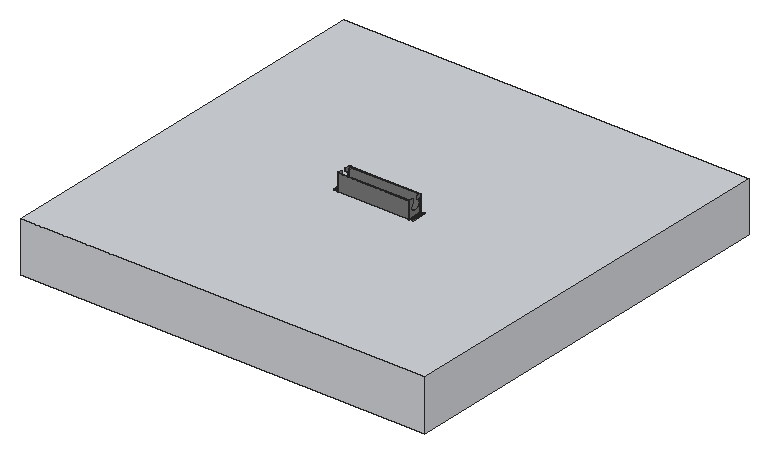
Revit family
Parameters (values of type "RIC3-24-01")
  Weight = 8.5 lbf
  U/M = "EA"
  U Space = "2"
  System = "MM & SM Fiber"
  Serial Number = "RIC3-24-01"
  Segment = "FIBER"
  Ports = "4"
  Model = "RIC"
  Metal = none
  Manufacturer = "SIEMON"
  Loaded/Empty = "Empty"
  Item Group = "FIBER MGMT"
  Item Class = "V1"
  Description = "ENCLOSURE,RIC3-24-01,BLACK"
  Default Elevation = 4' - 0"
  Color = "Black"
Reference planes (in)
  plane 1 "Center (Front/Back)": y = 0
  plane 2: z = 0
  plane 3 "Center (Left/Right)": x = 0
Forms (in)
  Extrusion 1, solid
    sketch origin (0, 0, 0) x (1, 0, 0) y (0, 1, 0)
      loop
        line (-48, 48) -> (-48, -48) -> (48, -48) -> (48, 48) -> (-48, 48)
    from 0 to -12
Dimensions and locks (in)
  aligned and locked: plane 2 to Extrusion 1
  aligned and locked: level to Extrusion 1
Nested families (in)
  nested 1: "RIC3-24-01[1]" at (0, -0.72597, -5.45966), type "RIC3-24-01[1]"
Definition of nested family "RIC3-24-01[1]"
  Parameters (values of type "RIC3-24-01[1]")
    White Paper = White Paper
    Weight = "3.85 kgs (8.5 lbs)"
    UL Rating = "UL 1863"
    U Space / Capacity = "2U / 4 Adapter Plates"
    Text1 = Symbol
    Text = Text
    SilverAlluminium = Silver Alluminium
    Rubber = Rubber
    Part Number = "RIC3-24-01"
    Material = Aluminum w/cold rolled steel (CRS) cover and plastic accessories
    Manufacturer Contact Info / Website = "www.siemon.com"
    Manufacturer = "Siemon"
    Dimensions (H x W x D) = "90mm x 432mm x 380mm\r\n(3.5 in. x 17.0 in. x 14.95 in.)"
    Description = "24-96 port Fiber Enclosure"
    Clearance = "127mm (5.0 in.) Front\r\n254 (10.0 in.) Rear"
    Black Plastic = Black Plastic
    Assembly Code = ""
  Reference planes (in)
    plane 1 "Center (Front/Back)": y = 0.72597
    plane 2: z = 5.45966
    plane 3 "Center (Left/Right)": x = 0
    plane 4: x = 6.25038
    plane 5: z = -5.66025
    plane 6: z = 10.79074
  Forms (in)
    Extrusion 1, solid, material "Aluminum w/cold rolled steel (CRS) cover and plastic accessories" <- "Material"
      sketch origin (-8.50051, -2.56525, 2.56525) x (0, 0, -1) y (0, -1, 0)
        loop
          arc (-0.062, -3.49271) -> (0.02639, -3.4561) -> (0.063, -3.3677) r 0.12501
          line (0.063, -3.3677) -> (0.063, -0.21751)
          arc (0.063, -0.21751) -> (0.02639, -0.12912) -> (-0.062, -0.09251) r 0.12501
          line (-0.062, -0.09251) -> (-2.81817, -0.09251) -> (-2.81817, -3.49271) -> (-0.062, -3.49271)
      from 0 to 0.08
    Extrusion 2, solid, material "Aluminum w/cold rolled steel (CRS) cover and plastic accessories" <- "Material"
      sketch origin (0, -2.56525, 5.50234) x (0, -1, 0) y (1, 0, 0)
        loop
          line (-3.3677, -9.50057) -> (-0.21751, -9.50057)
          arc (-0.21751, -9.50057) -> (-0.12912, -9.46396) -> (-0.09251, -9.37556) r 0.12501
          line (-0.09251, -9.37556) -> (-0.09251, -8.61952) -> (-3.49271, -8.61952) -> (-3.49271, -9.37556)
          arc (-3.49271, -9.37556) -> (-3.4561, -9.46396) -> (-3.3677, -9.50057) r 0.12501
        loop
          arc (-3.43321, -9.22106) -> (-3.2927, -9.36156) -> (-3.15219, -9.22106) r 0.14051
          line (-3.15219, -9.22106) -> (-3.15219, -9.09605)
          arc (-3.15219, -9.09605) -> (-3.2927, -8.95554) -> (-3.43321, -9.09605) r 0.14051
          line (-3.43321, -9.09605) -> (-3.43321, -9.22106)
        loop
          arc (-2.72016, -9.01804) -> (-2.86067, -9.15855) -> (-2.72016, -9.29906) r 0.14051
          line (-2.72016, -9.29906) -> (-2.59516, -9.29906)
          arc (-2.59516, -9.29906) -> (-2.45465, -9.15855) -> (-2.59516, -9.01804) r 0.14051
          line (-2.59516, -9.01804) -> (-2.72016, -9.01804)
        loop
          arc (-2.02712, -9.01804) -> (-2.16763, -9.15855) -> (-2.02712, -9.29906) r 0.14051
          line (-2.02712, -9.29906) -> (-1.55809, -9.29906)
          arc (-1.55809, -9.29906) -> (-1.41759, -9.15855) -> (-1.55809, -9.01804) r 0.14051
          line (-1.55809, -9.01804) -> (-2.02712, -9.01804)
        loop
          arc (-0.99006, -9.01804) -> (-1.13057, -9.15855) -> (-0.99006, -9.29906) r 0.14051
          line (-0.99006, -9.29906) -> (-0.86505, -9.29906)
          arc (-0.86505, -9.29906) -> (-0.72454, -9.15855) -> (-0.86505, -9.01804) r 0.14051
          line (-0.86505, -9.01804) -> (-0.99006, -9.01804)
        loop
          arc (-0.43303, -9.22106) -> (-0.29252, -9.36156) -> (-0.15201, -9.22106) r 0.14051
          line (-0.15201, -9.22106) -> (-0.15201, -9.09605)
          arc (-0.15201, -9.09605) -> (-0.29252, -8.95554) -> (-0.43303, -9.09605) r 0.14051
          line (-0.43303, -9.09605) -> (-0.43303, -9.22106)
      from -0.00008 to 0.07992
    Extrusion 3, solid, material "Aluminum w/cold rolled steel (CRS) cover and plastic accessories" <- "Material"
      sketch origin (0, -2.47274, 2.56525) x (0, 0, -1) y (-1, 0, 0)
        loop
          line (-2.81817, 8.50051) -> (-2.81817, 8.58052)
          arc (-2.81817, 8.58052) -> (-2.84575, 8.59194) -> (-2.85717, 8.61952) r 0.039
          line (-2.85717, 8.61952) -> (-2.93718, 8.61952)
          arc (-2.93718, 8.61952) -> (-2.90232, 8.53537) -> (-2.81817, 8.50051) r 0.11901
      from 0 to 3.4002
    Extrusion 4, solid, material "Aluminum w/cold rolled steel (CRS) cover and plastic accessories" <- "Material"
      sketch origin (-8.42059, -2.56525, 2.56525) x (0, 0, -1) y (0, -1, 0)
        loop
          line (-6.87541, -2.51015) -> (-6.87541, -3.2902) -> (6.87541, -3.2902) -> (6.87541, -2.51015)
          arc (6.87541, -2.51015) -> (6.80219, -2.33336) -> (6.6254, -2.26014) r 0.25002
          line (6.6254, -2.26014) -> (6.41757, -2.26014)
          arc (6.41757, -2.26014) -> (6.27414, -2.30537) -> (6.18261, -2.42469) r 0.25002
          arc (6.18261, -2.42469) -> (4.59069, -3.03005) -> (4.22391, -1.36688) r 1.12507
          arc (4.22391, -1.36688) -> (4.23566, -1.25505) -> (4.14297, -1.19138) r 0.10994
          arc (4.14297, -1.19138) -> (4.07927, -1.12833) -> (4.10161, -1.04153) r 0.09001
          arc (4.10161, -1.04153) -> (4.56007, -0.72648) -> (5.10407, -0.61019) r 1.43009
          arc (5.10407, -0.61019) -> (5.18245, -0.65366) -> (5.18443, -0.74326) r 0.09001
          arc (5.18443, -0.74326) -> (5.16693, -0.85434) -> (5.25621, -0.9227) r 0.10994
          arc (5.25621, -0.9227) -> (5.58444, -1.013) -> (5.87063, -1.19734) r 1.12507
          arc (5.87063, -1.19734) -> (5.9477, -1.24387) -> (6.03626, -1.26008) r 0.25002
          line (6.03626, -1.26008) -> (6.6254, -1.26008)
          arc (6.6254, -1.26008) -> (6.80219, -1.18685) -> (6.87541, -1.01006) r 0.25002
          line (6.87541, -1.01006) -> (6.87541, -0.20901) -> (-6.87541, -0.20901) -> (-6.87541, -1.01006)
          arc (-6.87541, -1.01006) -> (-6.80219, -1.18685) -> (-6.6254, -1.26008) r 0.25002
          line (-6.6254, -1.26008) -> (-6.03626, -1.26008)
          arc (-6.03626, -1.26008) -> (-5.9477, -1.24387) -> (-5.87063, -1.19734) r 0.25002
          arc (-5.87063, -1.19734) -> (-5.58444, -1.013) -> (-5.25621, -0.9227) r 1.12507
          arc (-5.25621, -0.9227) -> (-5.16693, -0.85434) -> (-5.18443, -0.74326) r 0.10994
          arc (-5.18443, -0.74326) -> (-5.18245, -0.65366) -> (-5.10407, -0.61019) r 0.09001
          arc (-5.10407, -0.61019) -> (-4.56007, -0.72648) -> (-4.10161, -1.04153) r 1.43009
          arc (-4.10161, -1.04153) -> (-4.07927, -1.12833) -> (-4.14297, -1.19138) r 0.09001
          arc (-4.14297, -1.19138) -> (-4.23566, -1.25505) -> (-4.22391, -1.36688) r 0.10994
          arc (-4.22391, -1.36688) -> (-4.59069, -3.03005) -> (-6.18261, -2.42469) r 1.12507
          arc (-6.18261, -2.42469) -> (-6.27414, -2.30537) -> (-6.41757, -2.26014) r 0.25002
          line (-6.41757, -2.26014) -> (-6.6254, -2.26014)
          arc (-6.6254, -2.26014) -> (-6.80219, -2.33336) -> (-6.87541, -2.51015) r 0.25002
      from 0 to 0.07992
    Extrusion 5, solid, material "Aluminum w/cold rolled steel (CRS) cover and plastic accessories" <- "Material"
      sketch origin (0, 0.84996, 2.56525) x (0, 0, -1) y (-1, 0, 0)
        loop
          line (6.78819, -8.50051) -> (6.78819, 8.50051) -> (-6.79019, 8.50051) -> (-6.79019, -8.50051) -> (6.78819, -8.50051)
        loop
          circle (-6.25138, 8.2505) r 0.07
        loop
          circle (-2.08413, 8.2505) r 0.07
        loop
          circle (2.08313, 8.2505) r 0.07
        loop
          circle (-2.08413, -8.2505) r 0.07
        loop
          circle (-6.25138, -8.2505) r 0.07
        loop
          circle (2.08313, -8.2505) r 0.07
        loop
          circle (6.25038, -8.2505) r 0.07
        loop
          circle (6.25038, 8.2505) r 0.07
      from 0 to 0.05
    Extrusion 6, solid, material "Aluminum w/cold rolled steel (CRS) cover and plastic accessories" <- "Material"
      sketch origin (0, -2.56525, 2.56525) x (0, 0, -1) y (0, -1, 0)
        loop
          line (6.86886, -3.33859) -> (6.81995, -3.2337) -> (6.77463, -3.25483) -> (6.82354, -3.35972)
          arc (6.82354, -3.35972) -> (6.82109, -3.39716) -> (6.78819, -3.41521) r 0.039
          line (6.78819, -3.41521) -> (6.78819, -3.46521)
          arc (6.78819, -3.46521) -> (6.86326, -3.42403) -> (6.86886, -3.33859) r 0.08901
        loop
          arc (-6.87086, -3.33859) -> (-6.86526, -3.42403) -> (-6.79019, -3.46521) r 0.08901
          line (-6.79019, -3.46521) -> (-6.79019, -3.41521)
          arc (-6.79019, -3.41521) -> (-6.82309, -3.39716) -> (-6.82554, -3.35972) r 0.039
          line (-6.82554, -3.35972) -> (-6.77663, -3.25483) -> (-6.82195, -3.2337) -> (-6.87086, -3.33859)
      from 8.41051 to -8.41051
    Extrusion 7, solid, material "Silver Alluminium" <- "SilverAlluminium"
      sketch origin (0, -2.56525, 2.56525) x (0, -1, 0) y (1, 0, 0)
        loop
          arc (-3.42071, -8.41801) -> (-3.40606, -8.45336) -> (-3.3707, -8.46801) r 0.05
          line (-3.3707, -8.46801) -> (-0.71054, -8.46801)
          arc (-0.71054, -8.46801) -> (-0.67519, -8.45336) -> (-0.66054, -8.41801) r 0.05
          line (-0.66054, -8.41801) -> (-0.66054, 8.42301)
          arc (-0.66054, 8.42301) -> (-0.67519, 8.45836) -> (-0.71054, 8.47301) r 0.05
          line (-0.71054, 8.47301) -> (-3.3707, 8.47301)
          arc (-3.3707, 8.47301) -> (-3.40606, 8.45836) -> (-3.42071, 8.42301) r 0.05
          line (-3.42071, 8.42301) -> (-3.42071, -8.41801)
        loop
          line (-1.7006, 0.38552) -> (-2.70066, 0.38552) -> (-2.70066, -0.39052) -> (-1.7006, -0.39052) -> (-1.7006, 0.38552)
      from -7.00392 to -6.88591
    Extrusion 8, solid, material "Aluminum w/cold rolled steel (CRS) cover and plastic accessories" <- "Material"
      sketch origin (0, -2.56525, 2.56525) x (0, -1, 0) y (1, 0, 0)
        loop
          arc (-0.17001, -8.3815) -> (-0.18143, -8.40908) -> (-0.20901, -8.42051) r 0.039
          line (-0.20901, -8.42051) -> (-0.20901, -8.50051)
          arc (-0.20901, -8.50051) -> (-0.12486, -8.46566) -> (-0.09001, -8.3815) r 0.11901
          line (-0.09001, -8.3815) -> (-0.17001, -8.3815)
        loop
          arc (-0.20901, 8.42051) -> (-0.18143, 8.40908) -> (-0.17001, 8.3815) r 0.039
          line (-0.17001, 8.3815) -> (-0.09001, 8.3815)
          arc (-0.09001, 8.3815) -> (-0.12486, 8.46566) -> (-0.20901, 8.50051) r 0.11901
          line (-0.20901, 8.50051) -> (-0.20901, 8.42051)
      from -6.87541 to 6.78819
    Extrusion 9, void
      sketch origin (-0.38909, 0.76952, 2.02132) x (0, -0.5, -0.866025) y (-1, 0, 0)
        loop
          line (4.56301, 8.00559) -> (4.56301, 7.95529)
          arc (4.56301, 7.95529) -> (4.57549, 7.9428) -> (4.58798, 7.95529) r 0.01249
          line (4.58798, 7.95529) -> (4.58798, 8.00559)
          arc (4.58798, 8.00559) -> (4.57549, 8.01808) -> (4.56301, 8.00559) r 0.01249
      from 0 to 0.27629
    Extrusion 10, solid, material "Aluminum w/cold rolled steel (CRS) cover and plastic accessories" <- "Material"
      sketch origin (0, -2.56525, 2.56525) x (0, 0, -1) y (-1, 0, 0)
        loop
          line (6.87541, -8.3815) -> (6.87541, 8.3815) -> (-6.87541, 8.3815) -> (-6.87541, -8.3815) -> (6.87541, -8.3815)
        loop
          circle (5.59934, -7.00042) r 0.75005
        loop
          circle (5.59934, 7.00042) r 0.75005
      from 0.09001 to 0.17001
    Extrusion 11, solid, material "Aluminum w/cold rolled steel (CRS) cover and plastic accessories" <- "Material"
      sketch origin (8.50051, -2.56525, 2.56525) x (0, 0, -1) y (0, 1, 0)
        loop
          line (-0.062, 3.49271) -> (-2.81817, 3.49271) -> (-2.81817, 0.09251) -> (-0.062, 0.09251)
          arc (-0.062, 0.09251) -> (0.02639, 0.12912) -> (0.063, 0.21751) r 0.12501
          line (0.063, 0.21751) -> (0.063, 3.3677)
          arc (0.063, 3.3677) -> (0.02639, 3.4561) -> (-0.062, 3.49271) r 0.12501
      from 0 to 0.08
    Extrusion 12, solid, material "Aluminum w/cold rolled steel (CRS) cover and plastic accessories" <- "Material"
      sketch origin (0, -2.56525, 5.50234) x (0, 1, 0) y (-1, 0, 0)
        loop
          arc (3.3677, -9.50057) -> (3.4561, -9.46396) -> (3.49271, -9.37556) r 0.12501
          line (3.49271, -9.37556) -> (3.49271, -8.61952) -> (0.09251, -8.61952) -> (0.09251, -9.37556)
          arc (0.09251, -9.37556) -> (0.12912, -9.46396) -> (0.21751, -9.50057) r 0.12501
          line (0.21751, -9.50057) -> (3.3677, -9.50057)
        loop
          line (3.43321, -9.22106) -> (3.43321, -9.09605)
          arc (3.43321, -9.09605) -> (3.2927, -8.95554) -> (3.15219, -9.09605) r 0.14051
          line (3.15219, -9.09605) -> (3.15219, -9.22106)
          arc (3.15219, -9.22106) -> (3.2927, -9.36156) -> (3.43321, -9.22106) r 0.14051
        loop
          line (2.72016, -9.01804) -> (2.59516, -9.01804)
          arc (2.59516, -9.01804) -> (2.45465, -9.15855) -> (2.59516, -9.29906) r 0.14051
          line (2.59516, -9.29906) -> (2.72016, -9.29906)
          arc (2.72016, -9.29906) -> (2.86067, -9.15855) -> (2.72016, -9.01804) r 0.14051
        loop
          line (2.02712, -9.01804) -> (1.55809, -9.01804)
          arc (1.55809, -9.01804) -> (1.41759, -9.15855) -> (1.55809, -9.29906) r 0.14051
          line (1.55809, -9.29906) -> (2.02712, -9.29906)
          arc (2.02712, -9.29906) -> (2.16763, -9.15855) -> (2.02712, -9.01804) r 0.14051
        loop
          line (0.99006, -9.01804) -> (0.86505, -9.01804)
          arc (0.86505, -9.01804) -> (0.72454, -9.15855) -> (0.86505, -9.29906) r 0.14051
          line (0.86505, -9.29906) -> (0.99006, -9.29906)
          arc (0.99006, -9.29906) -> (1.13057, -9.15855) -> (0.99006, -9.01804) r 0.14051
        loop
          line (0.43303, -9.22106) -> (0.43303, -9.09605)
          arc (0.43303, -9.09605) -> (0.29252, -8.95554) -> (0.15201, -9.09605) r 0.14051
          line (0.15201, -9.09605) -> (0.15201, -9.22106)
          arc (0.15201, -9.22106) -> (0.29252, -9.36156) -> (0.43303, -9.22106) r 0.14051
      from -0.00008 to 0.07992
    Extrusion 13, solid, material "Aluminum w/cold rolled steel (CRS) cover and plastic accessories" <- "Material"
      sketch origin (0, -2.47274, 2.56525) x (0, 0, -1) y (-1, 0, 0)
        loop
          arc (-2.81817, -8.50051) -> (-2.90232, -8.53537) -> (-2.93718, -8.61952) r 0.11901
          line (-2.93718, -8.61952) -> (-2.85717, -8.61952)
          arc (-2.85717, -8.61952) -> (-2.84575, -8.59194) -> (-2.81817, -8.58052) r 0.039
          line (-2.81817, -8.58052) -> (-2.81817, -8.50051)
      from 0 to 3.4002
    Extrusion 14, solid, material "Aluminum w/cold rolled steel (CRS) cover and plastic accessories" <- "Material"
      sketch origin (8.27943, -2.56525, 2.56525) x (0, 0, -1) y (0, 1, 0)
        loop
          arc (-6.87541, 2.51015) -> (-6.80219, 2.33336) -> (-6.6254, 2.26014) r 0.25002
          line (-6.6254, 2.26014) -> (-6.41757, 2.26014)
          arc (-6.41757, 2.26014) -> (-6.27414, 2.30537) -> (-6.18261, 2.42469) r 0.25002
          arc (-6.18261, 2.42469) -> (-4.59069, 3.03005) -> (-4.22391, 1.36688) r 1.12507
          arc (-4.22391, 1.36688) -> (-4.23566, 1.25505) -> (-4.14297, 1.19138) r 0.10994
          arc (-4.14297, 1.19138) -> (-4.07927, 1.12833) -> (-4.10161, 1.04153) r 0.09001
          arc (-4.10161, 1.04153) -> (-4.56007, 0.72648) -> (-5.10407, 0.61019) r 1.43009
          arc (-5.10407, 0.61019) -> (-5.18245, 0.65366) -> (-5.18443, 0.74326) r 0.09001
          arc (-5.18443, 0.74326) -> (-5.16693, 0.85434) -> (-5.25621, 0.9227) r 0.10994
          arc (-5.25621, 0.9227) -> (-5.58444, 1.013) -> (-5.87063, 1.19734) r 1.12507
          arc (-5.87063, 1.19734) -> (-5.9477, 1.24387) -> (-6.03626, 1.26008) r 0.25002
          line (-6.03626, 1.26008) -> (-6.6254, 1.26008)
          arc (-6.6254, 1.26008) -> (-6.80219, 1.18685) -> (-6.87541, 1.01006) r 0.25002
          line (-6.87541, 1.01006) -> (-6.87541, 0.20901) -> (6.87541, 0.20901) -> (6.87541, 1.01006)
          arc (6.87541, 1.01006) -> (6.80219, 1.18685) -> (6.6254, 1.26008) r 0.25002
          line (6.6254, 1.26008) -> (6.03626, 1.26008)
          arc (6.03626, 1.26008) -> (5.9477, 1.24387) -> (5.87063, 1.19734) r 0.25002
          arc (5.87063, 1.19734) -> (5.58444, 1.013) -> (5.25621, 0.9227) r 1.12507
          arc (5.25621, 0.9227) -> (5.16693, 0.85434) -> (5.18443, 0.74326) r 0.10994
          arc (5.18443, 0.74326) -> (5.18245, 0.65366) -> (5.10407, 0.61019) r 0.09001
          arc (5.10407, 0.61019) -> (4.56007, 0.72648) -> (4.10161, 1.04153) r 1.43009
          arc (4.10161, 1.04153) -> (4.07927, 1.12833) -> (4.14297, 1.19138) r 0.09001
          arc (4.14297, 1.19138) -> (4.23566, 1.25505) -> (4.22391, 1.36688) r 0.10994
          arc (4.22391, 1.36688) -> (4.59069, 3.03005) -> (6.18261, 2.42469) r 1.12507
          arc (6.18261, 2.42469) -> (6.27414, 2.30537) -> (6.41757, 2.26014) r 0.25002
          line (6.41757, 2.26014) -> (6.6254, 2.26014)
          arc (6.6254, 2.26014) -> (6.80219, 2.33336) -> (6.87541, 2.51015) r 0.25002
          line (6.87541, 2.51015) -> (6.87541, 3.2902) -> (-6.87541, 3.2902) -> (-6.87541, 2.51015)
      from 0.14108 to 0.22108
    Sweep 15, solid, material "Silver Alluminium" <- "SilverAlluminium"
      path origin (0, -2.56525, 2.56525) x (1, 0, 0) y (0, 1, 0)
        loop
          line (-8.41801, 0.63054) -> (8.42301, 0.63054)
          arc (8.42301, 0.63054) -> (8.47958, 0.65397) -> (8.50301, 0.71054) r 0.08
          line (8.50301, 0.71054) -> (8.50301, 3.3707)
          arc (8.50301, 3.3707) -> (8.47958, 3.42728) -> (8.42301, 3.45071) r 0.08
          line (8.42301, 3.45071) -> (-8.41801, 3.45071)
          arc (-8.41801, 3.45071) -> (-8.47458, 3.42728) -> (-8.49801, 3.3707) r 0.08
          line (-8.49801, 3.3707) -> (-8.49801, 0.71054)
          arc (-8.49801, 0.71054) -> (-8.47458, 0.65397) -> (-8.41801, 0.63054) r 0.08
      profile origin (0.0025, 0.88546, 2.56525) x (0, -1, 0) y (0, 0, 1)
        loop
          arc (0, -6.97392) -> (0.00879, -6.99513) -> (0.03, -7.00392) r 0.03
          line (0.03, -7.00392) -> (0.03, -6.88591)
          arc (0.03, -6.88591) -> (0.00879, -6.8947) -> (0, -6.91592) r 0.03
          line (0, -6.91592) -> (0, -6.97392)
    Extrusion 16, solid, material "Silver Alluminium" <- "SilverAlluminium"
      sketch origin (0, -2.56525, 2.56525) x (1, 0, 0) y (0, 1, 0)
        loop
          arc (-8.41801, 3.42071) -> (-8.45336, 3.40606) -> (-8.46801, 3.3707) r 0.05
          line (-8.46801, 3.3707) -> (-8.46801, 0.71054)
          arc (-8.46801, 0.71054) -> (-8.45336, 0.67519) -> (-8.41801, 0.66054) r 0.05
          line (-8.41801, 0.66054) -> (8.42301, 0.66054)
          arc (8.42301, 0.66054) -> (8.45836, 0.67519) -> (8.47301, 0.71054) r 0.05
          line (8.47301, 0.71054) -> (8.47301, 3.3707)
          arc (8.47301, 3.3707) -> (8.45836, 3.40606) -> (8.42301, 3.42071) r 0.05
          line (8.42301, 3.42071) -> (-8.41801, 3.42071)
        loop
          line (0.38552, 1.7006) -> (0.38552, 2.70066) -> (-0.39052, 2.70066) -> (-0.39052, 1.7006) -> (0.38552, 1.7006)
      from -7.00392 to -6.88591
    Extrusion 17, solid, material "Aluminum w/cold rolled steel (CRS) cover and plastic accessories" <- "Material"
      sketch origin (0, -4.32612, 2.56525) x (0, 0, -1) y (-1, 0, 0)
        loop
          line (6.75041, -8.3755) -> (6.75041, 8.3815) -> (-6.75041, 8.3815) -> (-6.75041, -8.3755) -> (6.75041, -8.3755)
        loop
          circle (-6.25138, 8.2505) r 0.07
        loop
          circle (-2.08413, 8.2505) r 0.07
        loop
          circle (2.08313, 8.2505) r 0.07
        loop
          circle (-2.08413, -8.2505) r 0.07
        loop
          circle (-6.25138, -8.2505) r 0.07
        loop
          circle (2.08313, -8.2505) r 0.07
        loop
          circle (6.25038, -8.2505) r 0.07
        loop
          circle (6.25038, 8.2505) r 0.07
      from 5.09607 to 5.17607
    Extrusion 18, solid, material "Aluminum w/cold rolled steel (CRS) cover and plastic accessories" <- "Material"
      sketch origin (0, -2.56525, 2.56525) x (0, -1, 0) y (1, 0, 0)
        loop
          line (-3.2902, 8.42051) -> (-3.2902, 8.50051)
          arc (-3.2902, 8.50051) -> (-3.37859, 8.4639) -> (-3.41521, 8.3755) r 0.12501
          line (-3.41521, 8.3755) -> (-3.3352, 8.3755)
          arc (-3.3352, 8.3755) -> (-3.32202, 8.40733) -> (-3.2902, 8.42051) r 0.045
        loop
          arc (-3.2902, -8.42051) -> (-3.32202, -8.40733) -> (-3.3352, -8.3755) r 0.045
          line (-3.3352, -8.3755) -> (-3.41521, -8.3755)
          arc (-3.41521, -8.3755) -> (-3.37859, -8.4639) -> (-3.2902, -8.50051) r 0.12501
          line (-3.2902, -8.50051) -> (-3.2902, -8.42051)
      from -6.75041 to 6.75041
  Lines and regions (in)
    reference lines
      curve 1: line (-9.1607, 0.72597, 4.2867) -> (-9.1607, 0.72597, -0.83141)
      curve 2: line (9.17323, 0.72597, 4.2867) -> (9.17323, 0.72597, -0.83141)
      curve 3: line (-10.61494, 0.72597, 5.45966) -> (10.84175, 0.72597, 5.45966)
  Dimensions and locks (in)
    curve 1 to plane 3 "Center (Left/Right)" = 0' - 9.1607"
    plane 3 "Center (Left/Right)" to curve 2 = 0' - 9.17323"
